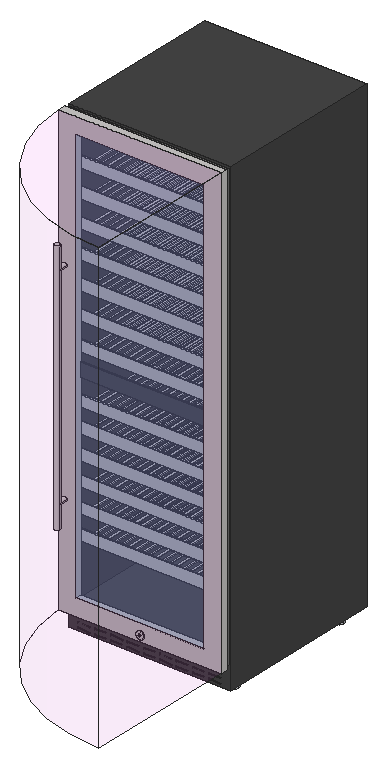
Revit family "QF_Summit_SWCP2163_Wine_Cellar", category Specialty Equipment, Revit 2020 (continued)
Automatic sketch dimensions
  Extrusion 45 sketch curve to Extrusion 45 sketch curve = 8 5/8"
  Extrusion 46 sketch curve to Extrusion 46 sketch curve = 1.59885"
  Extrusion 47 sketch curve to Extrusion 46 = 7/16"
  Extrusion 47 sketch curve to Extrusion 46 = 0.2451"  (x19)
  Extrusion 47 sketch curve to Extrusion 47 sketch curve = 1"  (x17)
  Extrusion 47 sketch curve to Extrusion 46 = 5/16"
  Extrusion 46 sketch curve to Extrusion 46 sketch curve = 18 3/4"
  Extrusion 48 sketch curve to Extrusion 46 = 0.18067"  (x3)
  Extrusion 46 to Extrusion 48 sketch curve = 6 3/4"
  Extrusion 48 sketch curve to Extrusion 48 sketch curve = 1/4"  (x3)
  Extrusion 48 sketch curve to Extrusion 48 sketch curve = 4 7/8"
  Extrusion 46 to Extrusion 48 sketch curve = 0.31933"  (x3)
  Extrusion 48 sketch curve to Extrusion 48 sketch curve = 8 5/8"
  Extrusion 49 sketch curve to Extrusion 49 sketch curve = 1.59885"
  Extrusion 50 sketch curve to Extrusion 49 = 7/16"
  Extrusion 50 sketch curve to Extrusion 49 = 0.2451"  (x19)
  Extrusion 50 sketch curve to Extrusion 50 sketch curve = 1"  (x17)
  Extrusion 50 sketch curve to Extrusion 49 = 5/16"
  Extrusion 49 sketch curve to Extrusion 49 sketch curve = 18 3/4"
  Extrusion 51 sketch curve to Extrusion 49 = 0.18067"  (x3)
  Extrusion 49 to Extrusion 51 sketch curve = 6 3/4"
  Extrusion 51 sketch curve to Extrusion 51 sketch curve = 1/4"  (x3)
  Extrusion 51 sketch curve to Extrusion 51 sketch curve = 4 7/8"
  Extrusion 49 to Extrusion 51 sketch curve = 0.31933"  (x3)
  Extrusion 51 sketch curve to Extrusion 51 sketch curve = 8 5/8"
  Extrusion 52 sketch curve to Extrusion 52 sketch curve = 1.59885"
  Extrusion 53 sketch curve to Extrusion 52 = 7/16"
  Extrusion 53 sketch curve to Extrusion 52 = 0.2451"  (x19)
  Extrusion 53 sketch curve to Extrusion 53 sketch curve = 1"  (x17)
  Extrusion 53 sketch curve to Extrusion 52 = 5/16"
  Extrusion 52 sketch curve to Extrusion 52 sketch curve = 18 3/4"
  Extrusion 54 sketch curve to Extrusion 52 = 0.18067"  (x3)
  Extrusion 52 to Extrusion 54 sketch curve = 6 3/4"
  Extrusion 54 sketch curve to Extrusion 54 sketch curve = 1/4"  (x3)
  Extrusion 54 sketch curve to Extrusion 54 sketch curve = 4 7/8"
  Extrusion 52 to Extrusion 54 sketch curve = 0.31933"  (x3)
  Extrusion 54 sketch curve to Extrusion 54 sketch curve = 8 5/8"
  Extrusion 55 sketch curve to Extrusion 55 sketch curve = 1.59885"
  Extrusion 56 sketch curve to Extrusion 55 = 7/16"
  Extrusion 56 sketch curve to Extrusion 55 = 0.2451"  (x19)
  Extrusion 56 sketch curve to Extrusion 56 sketch curve = 1"  (x17)
  Extrusion 56 sketch curve to Extrusion 55 = 5/16"
  Extrusion 55 sketch curve to Extrusion 55 sketch curve = 18 3/4"
  Extrusion 57 sketch curve to Extrusion 55 = 0.18067"  (x3)
  Extrusion 55 to Extrusion 57 sketch curve = 6 3/4"
  Extrusion 57 sketch curve to Extrusion 57 sketch curve = 1/4"  (x3)
  Extrusion 57 sketch curve to Extrusion 57 sketch curve = 4 7/8"
  Extrusion 55 to Extrusion 57 sketch curve = 0.31933"  (x3)
  Extrusion 57 sketch curve to Extrusion 57 sketch curve = 8 5/8"
  Extrusion 58 sketch curve to Extrusion 58 sketch curve = 1.59885"
  Extrusion 59 sketch curve to Extrusion 58 = 7/16"
  Extrusion 59 sketch curve to Extrusion 58 = 0.2451"  (x19)
  Extrusion 59 sketch curve to Extrusion 59 sketch curve = 1"  (x17)
  Extrusion 59 sketch curve to Extrusion 58 = 5/16"
  Extrusion 58 sketch curve to Extrusion 58 sketch curve = 18 3/4"
  Extrusion 60 sketch curve to Extrusion 58 = 0.18067"  (x3)
  Extrusion 58 to Extrusion 60 sketch curve = 6 3/4"
  Extrusion 60 sketch curve to Extrusion 60 sketch curve = 1/4"  (x3)
  Extrusion 60 sketch curve to Extrusion 60 sketch curve = 4 7/8"
  Extrusion 58 to Extrusion 60 sketch curve = 0.31933"  (x3)
  Extrusion 60 sketch curve to Extrusion 60 sketch curve = 8 5/8"
  plane 4 "RIGHT" to Extrusion 1 sketch curve = 0"
  Extrusion 1 sketch curve to plane 3 "LEFT" = 0"
  Extrusion 1 sketch curve to plane 6 "TOP" = 0"
  Extrusion 1 sketch curve to plane 13 = 0"
  plane 4 "RIGHT" to Extrusion 1 sketch curve = 2 1/2"
  Extrusion 1 sketch curve to plane 14 = 1/2"
  plane 3 "LEFT" to Extrusion 1 sketch curve = 2 3/8"
  Extrusion 1 sketch curve to plane 6 "TOP" = 2 3/8"
  plane 4 "RIGHT" to Extrusion 2 sketch curve = 2 1/2"
  Extrusion 2 sketch curve to plane 14 = 1/2"
  plane 3 "LEFT" to Extrusion 2 sketch curve = 2 3/8"
  Extrusion 2 sketch curve to plane 6 "TOP" = 2 3/8"
  plane 4 "RIGHT" to Extrusion 3 sketch curve = 2 1/2"
  plane 3 "LEFT" to Extrusion 3 sketch curve = 2 3/8"
  Extrusion 3 sketch curve to plane 14 = 31"
  Extrusion 3 sketch curve to Extrusion 3 sketch curve = 2"
  plane 3 "LEFT" to Extrusion 4 sketch curve = 0.81229"  (x2)
  Extrusion 4 sketch curve to plane 6 "TOP" = 20"
  Extrusion 4 sketch curve to plane 14 = 12 7/8"
  Extrusion 5 sketch curve to plane 11 = 3/8"
  plane 3 "LEFT" to Extrusion 5 sketch curve = 0.81113"
  plane 12 "Base Height" to Extrusion 6 sketch curve = 1.07333"
  plane 4 "RIGHT" to Extrusion 6 sketch curve = 3.55574"
  Extrusion 7 sketch curve to plane 6 "TOP" = 1 3/8"
  plane 1 "BACK" to Extrusion 7 sketch curve = 3 3/4"
  plane 8 "Center X" to Extrusion 7 sketch curve = 3 1/2"
  Extrusion 7 sketch curve to plane 9 = 3/8"
  Extrusion 7 sketch curve to plane 14 = 4 1/4"
  plane 4 "RIGHT" to Extrusion 8 sketch curve = 1/4"
  plane 4 "RIGHT" to Extrusion 8 sketch curve = 1 1/4"
  plane 3 "LEFT" to Extrusion 8 sketch curve = 1 1/4"
  plane 3 "LEFT" to Extrusion 8 sketch curve = 1/4"
  Extrusion 8 sketch curve to plane 6 "TOP" = 1/4"
  Extrusion 8 sketch curve to plane 6 "TOP" = 1 1/4"
  plane 14 to Extrusion 8 sketch curve = 7/8"
  plane 13 to Extrusion 8 sketch curve = 1/4"
  plane 1 "BACK" to Extrusion 9 sketch curve = 0"
  Extrusion 9 sketch curve to plane 9 = 0"
  plane 4 "RIGHT" to Extrusion 9 sketch curve = 1/16"
  plane 3 "LEFT" to Extrusion 9 sketch curve = 1/16"
  Extrusion 10 sketch curve to plane 13 = 1/2"  (x2)
  plane 4 "RIGHT" to Extrusion 10 sketch curve = 1.49877"  (x2)
  plane 12 "Base Height" to Extrusion 10 sketch curve = 3/8"  (x2)
  Extrusion 10 sketch curve to Extrusion 10 sketch curve = 0"  (x36)
  plane 12 "Base Height" to Extrusion 10 sketch curve = 1"  (x5)
  Extrusion 10 sketch curve to Extrusion 10 sketch curve = 1.6264"  (x7)
  plane 12 "Base Height" to Extrusion 10 sketch curve = 1/4"  (x8)
  Extrusion 10 sketch curve to Extrusion 10 sketch curve = 0.74984"  (x3)
  Extrusion 10 sketch curve to Extrusion 10 sketch curve = 0.7486"  (x18)
  plane 7 "Center Y" to Extrusion 10 sketch curve = 1.5611"
  Extrusion 10 sketch curve to plane 7 "Center Y" = 0.8139"
  plane 12 "Base Height" to Extrusion 10 sketch curve = 1/2"  (x3)
  Extrusion 10 sketch curve to plane 13 = 1/4"  (x6)
  plane 3 "LEFT" to Extrusion 10 sketch curve = 1.4986"
  Extrusion 10 sketch curve to Extrusion 10 sketch curve = 1/4"  (x11)
  Extrusion 10 sketch curve to Extrusion 10 sketch curve = 1/8"  (x19)
  Extrusion 10 sketch curve to Extrusion 10 sketch curve = 1/2"  (x11)
  Revolve 11 sketch curve to level = 0"
  Revolve 11 sketch curve to plane 12 "Base Height" = 0"  (x2)
  Revolve 11 sketch curve to plane 12 "Base Height" = 0.268"
  plane 4 "RIGHT" to Revolve 11 sketch curve = 2.31064"
  Revolve 11 sketch curve to Revolve 11 sketch curve = 1/32"
  Revolve 11 sketch curve to Revolve 11 sketch curve = 0.4445"
  Revolve 11 sketch curve to Revolve 11 sketch curve = 19/32"
  Revolve 11 sketch curve to Revolve 11 sketch curve = 0"
  plane 12 "Base Height" to Revolve 11 sketch curve = 1/2"
  Revolve 12 sketch curve to level = 0"
  Revolve 12 sketch curve to plane 12 "Base Height" = 0"  (x2)
  Revolve 12 sketch curve to plane 12 "Base Height" = 0.268"
  plane 3 "LEFT" to Revolve 12 sketch curve = 1 1/16"
  Revolve 12 sketch curve to Revolve 12 sketch curve = 1/32"
  Revolve 12 sketch curve to Revolve 12 sketch curve = 0.4445"
  Revolve 12 sketch curve to Revolve 12 sketch curve = 19/32"
  Revolve 12 sketch curve to Revolve 12 sketch curve = 0"
  plane 12 "Base Height" to Revolve 12 sketch curve = 1/2"
  Revolve 13 sketch curve to level = 0"
  Revolve 13 sketch curve to plane 12 "Base Height" = 0"  (x2)
  Revolve 13 sketch curve to plane 12 "Base Height" = 0.268"
  plane 4 "RIGHT" to Revolve 13 sketch curve = 2.31064"
  Revolve 13 sketch curve to Revolve 13 sketch curve = 1/32"
  Revolve 13 sketch curve to Revolve 13 sketch curve = 0.4445"
  Revolve 13 sketch curve to Revolve 13 sketch curve = 19/32"
  Revolve 13 sketch curve to Revolve 13 sketch curve = 0"
  plane 12 "Base Height" to Revolve 13 sketch curve = 1/2"
  Revolve 14 sketch curve to level = 0"
  Revolve 14 sketch curve to plane 12 "Base Height" = 0"  (x2)
  Revolve 14 sketch curve to plane 12 "Base Height" = 0.268"
  plane 3 "LEFT" to Revolve 14 sketch curve = 1 1/16"
  Revolve 14 sketch curve to Revolve 14 sketch curve = 1/32"
  Revolve 14 sketch curve to Revolve 14 sketch curve = 0.4445"
  Revolve 14 sketch curve to Revolve 14 sketch curve = 19/32"
  Revolve 14 sketch curve to Revolve 14 sketch curve = 0"
  plane 12 "Base Height" to Revolve 14 sketch curve = 1/2"
  Split face 2 sketch curve to Split face 2 sketch curve = 0"  (x2)
  Split face 2 sketch curve to Extrusion 3 = 1"
  Split face 2 sketch curve to Extrusion 3 = 2.14985"
  Split face 2 sketch curve to Split face 2 sketch curve = 35/128"
  Extrusion 15 sketch curve to Extrusion 15 sketch curve = 0"  (x56)
  Extrusion 7 to Extrusion 15 sketch curve = 3.59209"
  Extrusion 7 to Extrusion 15 sketch curve = 10 3/16"
  Extrusion 16 sketch curve to plane 4 "RIGHT" = 0"
  plane 5 "FRONT" to Extrusion 16 sketch curve = 0"
  plane 4 "RIGHT" to Extrusion 16 sketch curve = 3/8"
  plane 3 "LEFT" to Extrusion 16 sketch curve = 0.02152"
  Extrusion 16 sketch curve to plane 9 = 3/4"
  Split face 3 sketch curve to Extrusion 3 = 0.43971"  (x2)
  Split face 3 sketch curve to Extrusion 3 = 7.75442"
  Split face 3 sketch curve to Split face 3 sketch curve = 3.24115"
  Split face 4 sketch curve to Split face 4 sketch curve = 0"  (x2)
  Split face 4 sketch curve to Extrusion 3 = 1"
  Split face 4 sketch curve to Extrusion 3 = 4.09284"
  Split face 4 sketch curve to Split face 4 sketch curve = 35/128"
  Split face 5 sketch curve to Split face 5 sketch curve = 0"  (x2)
  Split face 5 sketch curve to Extrusion 3 = 1"
  Split face 5 sketch curve to Extrusion 3 = 6.21784"
  Split face 5 sketch curve to Split face 5 sketch curve = 35/128"
  Split face 6 sketch curve to Split face 6 sketch curve = 0"  (x2)
  Split face 6 sketch curve to Extrusion 3 = 1"
  Split face 6 sketch curve to Extrusion 3 = 4.21784"
  Split face 6 sketch curve to Split face 6 sketch curve = 35/128"
  Split face 7 sketch curve to Split face 7 sketch curve = 0"  (x2)
  Split face 7 sketch curve to Extrusion 3 = 1"
  Split face 7 sketch curve to Extrusion 3 = 2.27485"
  Split face 7 sketch curve to Split face 7 sketch curve = 35/128"
  Extrusion 18 sketch curve to Extrusion 18 sketch curve = 0"  (x6)
  Extrusion 18 sketch curve to Extrusion 1 = 0.84885"
  Extrusion 1 to Extrusion 18 sketch curve = 9 5/16"
  plane 4 "RIGHT" to Extrusion 61 sketch curve = 0.81229"  (x2)
  Extrusion 61 sketch curve to plane 14 = 12 7/8"
  Extrusion 61 sketch curve to plane 6 "TOP" = 20"
  plane 11 to Extrusion 62 sketch curve = 3/8"
  Extrusion 62 sketch curve to plane 4 "RIGHT" = 0.81113"
  Extrusion 63 sketch curve to plane 3 "LEFT" = 0"
  plane 5 "FRONT" to Extrusion 63 sketch curve = 0"
  Extrusion 63 sketch curve to plane 3 "LEFT" = 3/8"
  Extrusion 63 sketch curve to plane 4 "RIGHT" = 0.02152"
  plane 9 to Extrusion 63 sketch curve = 3/4"
  curve 11 to curve 12 = 0"  (x2)
  curve 19 to curve 20 = 0"  (x2)
  curve 7 to plane 4 "RIGHT" = 0"
  plane 5 "FRONT" to curve 17 = 0"
  curve 4 to plane 9 = 0"
  plane 1 "BACK" to curve 1 = 0"
  plane 5 "FRONT" to curve 21 = 0"
  plane 5 "FRONT" to curve 15 = 0"
  curve 8 to plane 3 "LEFT" = 0"
  plane 4 "RIGHT" to curve 4 = 1/16"
  curve 7 to curve 15 = 3/8"
  curve 19 to plane 11 = 3/8"
  plane 4 "RIGHT" to curve 19 = 3/4"
  plane 4 "RIGHT" to curve 18 = 3.66235"
  plane 3 "LEFT" to curve 16 = 3.66235"
  curve 11 to plane 11 = 3/8"
  plane 3 "LEFT" to curve 11 = 3/4"
  plane 3 "LEFT" to curve 17 = 3/8"
  plane 3 "LEFT" to curve 3 = 1/16"
  curve 7 to plane 9 = 3/4"
  curve 15 to curve 6 = 0"
  curve 5 to curve 17 = 0"
  plane 11 to curve 16 = 9.77544"
  plane 11 to curve 18 = 9.77544"
  curve 3 to curve 6 = 3/16"
  curve 19 to curve 19 = 3/8"
  curve 17 to curve 21 = 0.41577"
  curve 22 to curve 19 = 0.06271"
  curve 12 to curve 11 = 3/8"
  curve 11 to curve 14 = 0.06271"
  curve 13 to curve 15 = 0.41577"
  curve 17 to curve 5 = 1/8"
  radius of Extrusion 20 sketch curve = 0.11817"  (x19)
  radius of Extrusion 23 sketch curve = 0.11817"  (x19)
  radius of Extrusion 26 sketch curve = 0.11817"  (x19)
  radius of Extrusion 29 sketch curve = 0.11817"  (x19)
  radius of Extrusion 32 sketch curve = 0.11817"  (x19)
  radius of Extrusion 35 sketch curve = 0.11817"  (x19)
  radius of Extrusion 38 sketch curve = 0.11817"  (x19)
  radius of Extrusion 41 sketch curve = 0.11817"  (x19)
  radius of Extrusion 44 sketch curve = 0.11817"  (x19)
  radius of Extrusion 47 sketch curve = 0.11817"  (x19)
  radius of Extrusion 50 sketch curve = 0.11817"  (x19)
  radius of Extrusion 53 sketch curve = 0.11817"  (x19)
  radius of Extrusion 56 sketch curve = 0.11817"  (x19)
  radius of Extrusion 59 sketch curve = 0.11817"  (x19)
  radius of Extrusion 4 sketch curve = 5/16"  (x2)
  radius of Extrusion 5 sketch curve = 3/8"
  radius of Extrusion 6 sketch curve = 1/4"
  radius of Extrusion 15 sketch curve = 2 1/4"
  radius of Extrusion 15 sketch curve = 2 5/32"
  radius of Extrusion 15 sketch curve = 1 7/8"
  radius of Extrusion 15 sketch curve = 1 25/32"
  radius of Extrusion 15 sketch curve = 1 1/2"
  radius of Extrusion 15 sketch curve = 1 13/32"
  radius of Extrusion 15 sketch curve = 1 1/8"
  radius of Extrusion 15 sketch curve = 1 1/32"
  radius of Extrusion 18 sketch curve = 9/16"
  radius of Extrusion 18 sketch curve = 3/16"
  radius of Extrusion 18 sketch curve = 0.05145"
  radius of Extrusion 61 sketch curve = 5/16"  (x2)
  radius of Extrusion 62 sketch curve = 3/8"
Connectors (in)
  electrical at (20.06926, 0.10156, 2.32333), driven by "Volts", driven by "Apparent Power"
    settings: on Extrusion 6, index 1, voltage 115 V, apparent load 230 VA, apparent load phase1 0 VA, apparent load phase2 0 VA, apparent load phase3 0 VA, power factor 1, load classification "Other", number of poles 1, system type 30, power factor state 1, is connector primary yes, connector utility no, sub classification motor no, connector description "Electrical Connection"
